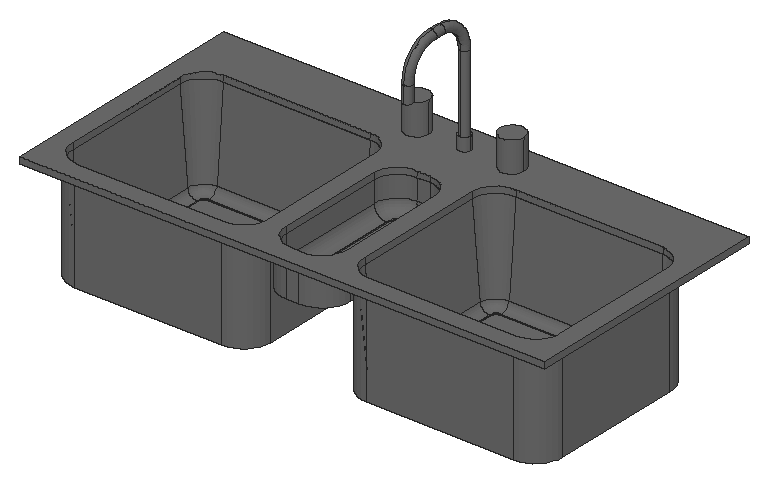
Revit family "M_Sink Kitchen-Triple", category 위생기구, Revit 2026
Family settings
  원형 커넥터 치수 = 지름 사용
  부품 유형 = 보통
  작업 기준면 기반 = 아니오
  뷰에서 절단 사용 = 아니오
  항상 수직 = 예
  로드될 때 보이드를 사용하여 절단 = 아니오
  주석 방향 유지 = 아니오
  공유 = 예
  룸 계산 점 = 아니오
Parameters (values of type "1100 x 535mm")
  기본 높이 = 0.00 mm
  Counter Height [instance] = 900.00 mm
  Depth = 535.00 mm
  Fixture Material = Metal - Steel, Polished
  Sink Material = Metal - Steel, Polished
  Width = 1100.00 mm
Reference planes
  plane 1 "Center (Front/Back)": y = -35.755
  plane 2: z = 0
  plane 3 "Center (Left/Right)": x = 15.689
  plane 4: y = 269.845
  plane 5: y = -265.155
  plane 6: x = -534.311
  plane 7: x = 565.689
  plane 8 "Top Of Counter": z = 900
  plane 9: z = 912.7
  plane 10: z = 684.1
  plane 11: y = 155.545
  plane 12: x = -496.211
  plane 13: y = -227.055
  plane 14: x = 527.589
  plane 15: x = -84.311
  plane 16: x = 115.689
  plane 17: y = 212.695
  plane 18: y = 212.695
  plane 19: y = 212.695
  plane 20: z = 1163.525
  plane 21: y = 63.47
  plane 22: z = 976.2
  plane 23: z = 938.1
  plane 24: x = -240.261
  plane 25: x = 271.639
  plane 26: x = -85.911
  plane 27: x = 117.289
  plane 28: x = -47.811
  plane 29: x = 79.189
  plane 30: y = 104.745
  plane 31: y = -86.555
  plane 32: z = 820.625
  plane 33: y = 53.945
Forms (mm)
  Extrusion 1, solid, material "Metal - Steel, Polished" <- "Sink Material"
    sketch origin (0, 0, 0) x (1, 0, 0) y (0, 1, 0)
      loop
        line (-534.311, 269.845) -> (-534.311, -265.155) -> (565.689, -265.155) -> (565.689, 269.845) -> (-534.311, 269.845)
      loop
        arc (-445.411, 155.545) -> (-481.332, 140.666) -> (-496.211, 104.745) r 50.8
        line (-496.211, 104.745) -> (-496.211, -176.255)
        arc (-496.211, -176.255) -> (-481.332, -212.176) -> (-445.411, -227.055) r 50.8
        line (-445.411, -227.055) -> (-136.711, -227.055)
        arc (-136.711, -227.055) -> (-100.79, -212.176) -> (-85.911, -176.255) r 50.8
        line (-85.911, -176.255) -> (-85.911, 104.745)
        arc (-85.911, 104.745) -> (-100.79, 140.666) -> (-136.711, 155.545) r 50.8
        line (-136.711, 155.545) -> (-445.411, 155.545)
      loop
        arc (476.789, -227.055) -> (512.71, -212.176) -> (527.589, -176.255) r 50.8
        line (527.589, -176.255) -> (527.589, 104.745)
        arc (527.589, 104.745) -> (512.71, 140.666) -> (476.789, 155.545) r 50.8
        line (476.789, 155.545) -> (168.089, 155.545)
        arc (168.089, 155.545) -> (132.168, 140.666) -> (117.289, 104.745) r 50.8
        line (117.289, 104.745) -> (117.289, -176.255)
        arc (117.289, -176.255) -> (132.168, -212.176) -> (168.089, -227.055) r 50.8
        line (168.089, -227.055) -> (476.789, -227.055)
      loop
        line (2.989, -227.055) -> (28.389, -227.055)
        arc (28.389, -227.055) -> (64.31, -212.176) -> (79.189, -176.255) r 50.8
        line (79.189, -176.255) -> (79.189, 53.945)
        arc (79.189, 53.945) -> (64.31, 89.866) -> (28.389, 104.745) r 50.8
        line (28.389, 104.745) -> (2.989, 104.745)
        arc (2.989, 104.745) -> (-32.932, 89.866) -> (-47.811, 53.945) r 50.8
        line (-47.811, 53.945) -> (-47.811, -176.255)
        arc (-47.811, -176.255) -> (-32.932, -212.176) -> (2.989, -227.055) r 50.8
    from 900 to 912.7
  Sweep 2, solid, material "Metal - Steel, Polished" <- "Sink Material"
    path origin (0, 0, 0) x (1, 0, 0) y (0, 1, 0)
      loop
        arc (-445.411, 155.545) -> (-481.332, 140.666) -> (-496.211, 104.745) r 50.8
        line (-496.211, 104.745) -> (-496.211, -176.255)
        arc (-496.211, -176.255) -> (-481.332, -212.176) -> (-445.411, -227.055) r 50.8
        line (-445.411, -227.055) -> (-136.711, -227.055)
        arc (-136.711, -227.055) -> (-100.79, -212.176) -> (-85.911, -176.255) r 50.8
        line (-85.911, -176.255) -> (-85.911, 104.745)
        arc (-85.911, 104.745) -> (-100.79, 140.666) -> (-136.711, 155.545) r 50.8
        line (-136.711, 155.545) -> (-445.411, 155.545)
    profile origin (-291.061, 0, 0) x (0, 1, 0) y (0, 0, 1)
      loop
        line (155.545, 900) -> (139.011, 711.015)
        arc (139.011, 711.015) -> (132.904, 698.63) -> (120.034, 693.625) r 19.05
        line (120.034, 693.625) -> (117.445, 693.625) -> (117.445, 684.1) -> (161.895, 684.1) -> (161.895, 900) -> (155.545, 900)
  Extrusion 3, solid, material "Metal - Steel, Polished" <- "Sink Material"
    sketch origin (0, 0, 0) x (1, 0, 0) y (0, 1, 0)
      loop
        arc (-445.411, 117.445) -> (-454.391, 113.726) -> (-458.111, 104.745) r 12.7
        line (-458.111, 104.745) -> (-458.111, -176.255)
        arc (-458.111, -176.255) -> (-454.391, -185.235) -> (-445.411, -188.955) r 12.7
        line (-445.411, -188.955) -> (-136.711, -188.955)
        arc (-136.711, -188.955) -> (-127.731, -185.235) -> (-124.011, -176.255) r 12.7
        line (-124.011, -176.255) -> (-124.011, 104.745)
        arc (-124.011, 104.745) -> (-127.731, 113.726) -> (-136.711, 117.445) r 12.7
        line (-136.711, 117.445) -> (-445.411, 117.445)
      loop
        circle (-240.261, -35.755) r 25.4
    from 684.1 to 693.625
  Extrusion 4, solid, material "Metal - Steel, Polished" <- "Fixture Material"
    sketch origin (0, 0, 0) x (1, 0, 0) y (0, 1, 0)
      loop
        circle (-84.311, 212.695) r 25.4
      loop
        circle (115.689, 212.695) r 25.4
    from 912.7 to 976.2
  Sweep 5, solid, material "Metal - Steel, Polished" <- "Fixture Material"
    path origin (15.689, 0, 0) x (0, 1, 0) y (0, 0, 1)
      loop
        line (212.695, 912.7) -> (212.695, 1100.025)
        arc (212.695, 1100.025) -> (194.097, 1144.926) -> (149.195, 1163.525) r 63.5
        line (149.195, 1163.525) -> (126.97, 1163.525)
        arc (126.97, 1163.525) -> (82.069, 1144.926) -> (63.47, 1100.025) r 63.5
        line (63.47, 1100.025) -> (63.47, 1065.1)
    profile origin (15.689, 0, 1006.363) x (0, -1, 0) y (1, 0, 0)
      loop
        circle (-212.695, 0) r 9.525
  Extrusion 6, solid, material "Metal - Steel, Polished" <- "Fixture Material"
    sketch origin (0, 0, 0) x (1, 0, 0) y (0, 1, 0)
      loop
        circle (15.689, 212.695) r 12.7
    from 912.7 to 938.1
  Sweep 7, solid, material "Metal - Steel, Polished" <- "Sink Material"
    path origin (31.378, 0, 0) x (-1, 0, 0) y (0, -1, 0)
      loop
        line (-445.411, -155.545) -> (-136.711, -155.545)
        arc (-136.711, -155.545) -> (-100.79, -140.666) -> (-85.911, -104.745) r 50.8
        line (-85.911, -104.745) -> (-85.911, 176.255)
        arc (-85.911, 176.255) -> (-100.79, 212.176) -> (-136.711, 227.055) r 50.8
        line (-136.711, 227.055) -> (-445.411, 227.055)
        arc (-445.411, 227.055) -> (-481.332, 212.176) -> (-496.211, 176.255) r 50.8
        line (-496.211, 176.255) -> (-496.211, -104.745)
        arc (-496.211, -104.745) -> (-481.332, -140.666) -> (-445.411, -155.545) r 50.8
    profile origin (322.439, 0, 0) x (0, -1, 0) y (0, 0, 1)
      loop
        line (-155.545, 900) -> (-161.895, 900) -> (-161.895, 684.1) -> (-117.445, 684.1) -> (-117.445, 693.625) -> (-120.034, 693.625)
        arc (-120.034, 693.625) -> (-132.904, 698.63) -> (-139.011, 711.015) r 19.05
        line (-139.011, 711.015) -> (-155.545, 900)
  Extrusion 8, solid, material "Metal - Steel, Polished" <- "Sink Material"
    sketch origin (31.378, 0, 0) x (-1, 0, 0) y (0, -1, 0)
      loop
        line (-447.999, -120.034) -> (-134.122, -120.034)
        arc (-134.122, -120.034) -> (-125.142, -116.314) -> (-121.422, -107.334) r 12.7
        line (-121.422, -107.334) -> (-121.422, 178.843)
        arc (-121.422, 178.843) -> (-125.142, 187.823) -> (-134.122, 191.543) r 12.7
        line (-134.122, 191.543) -> (-447.999, 191.543)
        arc (-447.999, 191.543) -> (-456.979, 187.823) -> (-460.699, 178.843) r 12.7
        line (-460.699, 178.843) -> (-460.699, -107.334)
        arc (-460.699, -107.334) -> (-456.979, -116.314) -> (-447.999, -120.034) r 12.7
      loop
        circle (-240.261, 35.755) r 25.4
    from 684.1 to 693.625
  Sweep 9, solid, material "Metal - Steel, Polished" <- "Sink Material"
    path origin (0, 0, 0) x (1, 0, 0) y (0, 1, 0)
      loop
        arc (2.989, 104.745) -> (-32.932, 89.866) -> (-47.811, 53.945) r 50.8
        line (-47.811, 53.945) -> (-47.811, -176.255)
        arc (-47.811, -176.255) -> (-32.932, -212.176) -> (2.989, -227.055) r 50.8
        line (2.989, -227.055) -> (28.389, -227.055)
        arc (28.389, -227.055) -> (64.31, -212.176) -> (79.189, -176.255) r 50.8
        line (79.189, -176.255) -> (79.189, 53.945)
        arc (79.189, 53.945) -> (64.31, 89.866) -> (28.389, 104.745) r 50.8
        line (28.389, 104.745) -> (2.989, 104.745)
    profile origin (15.689, 0, 0) x (0, 1, 0) y (0, 0, 1)
      loop
        line (104.745, 900) -> (104.745, 855.55)
        arc (104.745, 855.55) -> (97.306, 837.589) -> (79.345, 830.15) r 25.4
        line (79.345, 830.15) -> (76.17, 830.15) -> (76.17, 820.625) -> (114.27, 820.625) -> (114.27, 900) -> (104.745, 900)
  Extrusion 10, solid, material "Metal - Steel, Polished" <- "Sink Material"
    sketch origin (0, 0, 0) x (1, 0, 0) y (0, 1, 0)
      loop
        arc (6.164, 76.17) -> (-11.796, 68.731) -> (-19.236, 50.77) r 25.4
        line (-19.236, 50.77) -> (-19.236, -173.08)
        arc (-19.236, -173.08) -> (-11.796, -191.04) -> (6.164, -198.48) r 25.4
        line (6.164, -198.48) -> (25.214, -198.48)
        arc (25.214, -198.48) -> (43.175, -191.04) -> (50.614, -173.08) r 25.4
        line (50.614, -173.08) -> (50.614, 50.77)
        arc (50.614, 50.77) -> (43.175, 68.731) -> (25.214, 76.17) r 25.4
        line (25.214, 76.17) -> (6.164, 76.17)
      loop
        circle (15.689, -86.555) r 25.4
    from 820.625 to 830.15
Cuts and joins
  joined: Sweep 5, Extrusion 6
Lines and regions (mm)
  Masking region 1
    outline origin (0, 0, 900) x (0, -1, 0) y (1, 0, 0)
      loop
        line (-269.845, -534.311) -> (265.155, -534.311) -> (265.155, 565.689) -> (-269.845, 565.689) -> (-269.845, -534.311)
  symbolic lines
    curve 1: line (-496.211, 104.745, 900) -> (-496.211, -176.255, 900)
    curve 2: line (-445.411, -227.055, 900) -> (-136.711, -227.055, 900)
    curve 3: line (527.589, -176.255, 900) -> (527.589, 104.745, 900)
    curve 4: line (476.789, 155.545, 900) -> (168.089, 155.545, 900)
    curve 5: arc (527.589, 104.745, 900) -> (512.71, 140.666, 900) -> (476.789, 155.545, 900) r 50.8
    curve 6: arc (476.789, -227.055, 900) -> (512.71, -212.176, 900) -> (527.589, -176.255, 900) r 50.8
    curve 7: arc (-496.211, -176.255, 900) -> (-481.332, -212.176, 900) -> (-445.411, -227.055, 900) r 50.8
    curve 8: arc (-445.411, 155.545, 900) -> (-481.332, 140.666, 900) -> (-496.211, 104.745, 900) r 50.8
    curve 9: arc (28.389, 212.695, 900) -> (15.689, 225.395, 900) -> (2.989, 212.695, 900) r 12.7
    curve 10: line (2.989, 212.695, 900) -> (2.989, 15.845, 900)
    curve 11: line (28.389, 212.695, 900) -> (28.389, 15.845, 900)
    curve 12: arc (28.389, 15.845, 900) -> (15.689, 3.145, 900) -> (2.989, 15.845, 900) r 12.7
    curve 13: line (-85.911, 104.745, 900) -> (-85.911, -176.255, 900)
    curve 14: line (117.289, 104.745, 900) -> (117.289, -176.255, 900)
    curve 15: line (168.089, -227.055, 900) -> (476.789, -227.055, 900)
    curve 16: line (-136.711, 155.545, 900) -> (-445.411, 155.545, 900)
    curve 17: arc (168.089, 155.545, 900) -> (132.168, 140.666, 900) -> (117.289, 104.745, 900) r 50.8
    curve 18: arc (117.289, -176.255, 900) -> (132.168, -212.176, 900) -> (168.089, -227.055, 900) r 50.8
    curve 19: arc (-85.911, -176.255, 900) -> (-100.79, -212.176, 900) -> (-136.711, -227.055, 900) r 50.8
    curve 20: arc (-85.911, 104.745, 900) -> (-100.79, 140.666, 900) -> (-136.711, 155.545, 900) r 50.8
    curve 21: arc (-265.661, -35.755, 900) -> (-240.261, -10.355, 900) -> (-214.861, -35.755, 900) r 25.4
    curve 22: arc (-214.861, -35.755, 900) -> (-240.261, -61.155, 900) -> (-265.661, -35.755, 900) r 25.4
    curve 23: arc (246.239, -35.755, 900) -> (271.639, -10.355, 900) -> (297.039, -35.755, 900) r 25.4
    curve 24: arc (297.039, -35.755, 900) -> (271.639, -61.155, 900) -> (246.239, -35.755, 900) r 25.4
    curve 25: line (-47.811, -176.255, 900) -> (-47.811, 53.945, 900)
    curve 26: arc (-47.811, 53.945, 900) -> (-32.932, 89.866, 900) -> (2.989, 104.745, 900) r 50.8
    curve 27: line (79.189, 53.945, 900) -> (79.189, -176.255, 900)
    curve 28: arc (79.189, -176.255, 900) -> (64.31, -212.176, 900) -> (28.389, -227.055, 900) r 50.8
    curve 29: arc (2.989, -227.055, 900) -> (-32.932, -212.176, 900) -> (-47.811, -176.255, 900) r 50.8
    curve 30: line (28.389, -227.055, 900) -> (2.989, -227.055, 900)
    curve 31: arc (41.089, -86.555, 900) -> (15.689, -61.155, 900) -> (-9.711, -86.555, 900) r 25.4
    curve 32: arc (41.089, -86.555, 900) -> (15.689, -111.955, 900) -> (-9.711, -86.555, 900) r 25.4
    curve 33: arc (28.389, 104.745, 900) -> (64.31, 89.866, 900) -> (79.189, 53.945, 900) r 50.8
    curve 34: arc (-58.911, 212.695, 900) -> (-84.311, 238.095, 900) -> (-109.711, 212.695, 900) r 25.4
    curve 35: arc (-109.711, 212.695, 900) -> (-84.311, 187.295, 900) -> (-58.911, 212.695, 900) r 25.4
    curve 36: arc (141.089, 212.695, 900) -> (115.689, 238.095, 900) -> (90.289, 212.695, 900) r 25.4
    curve 37: arc (90.289, 212.695, 900) -> (115.689, 187.295, 900) -> (141.089, 212.695, 900) r 25.4
Dimensions and locks
  equal spacing: plane 6, plane 3 "Center (Left/Right)", plane 7
  "Width": plane 6 to plane 7
  "Depth": plane 5 to plane 4
  "Counter Height": plane 8 "Top Of Counter" to plane 2
  locked: plane 9 to plane 8 "Top Of Counter" at 12.7
  locked: plane 8 "Top Of Counter" to plane 10 at 215.9
  locked: plane 6 to plane 12 at 38.1
  locked: plane 14 to plane 7 at 38.1
  locked: plane 11 to plane 4 at 114.3
  locked: plane 5 to plane 13 at 38.1
  equal spacing: plane 11, plane 17, plane 4
  equal spacing: plane 11, plane 18, plane 4
  equal spacing: plane 4, plane 19, plane 11
  locked: plane 19 to plane 21 at 149.225
  locked: plane 20 to plane 9 at 250.825
  locked: plane 22 to plane 9 at 63.5
  locked: plane 23 to plane 9 at 25.4
  equal spacing: plane 13, plane 1 "Center (Front/Back)", plane 11
  plane 26 to plane 3 "Center (Left/Right)" to plane 27 = 101.60 mm, 101.60 mm
  plane 26 to plane 28 = 38.10 mm
  plane 29 to plane 27 = 38.10 mm
  locked: plane 30 to plane 11 at 50.8
  locked: plane 31 to plane 1 "Center (Front/Back)" at 50.8
  locked: plane 32 to plane 8 "Top Of Counter" at 79.375
  locked: plane 11 to plane 33 at 101.6
  equal spacing: plane 12, plane 24, plane 3 "Center (Left/Right)"
  equal spacing: plane 3 "Center (Left/Right)", plane 25, plane 14
  locked: plane 15 to plane 3 "Center (Left/Right)" at 100
  locked: plane 3 "Center (Left/Right)" to plane 16 at 100
  aligned and locked: Extrusion 1 sketch curve to plane 5
  aligned and locked: plane 7 to Extrusion 1 sketch curve
  aligned and locked: plane 4 to Extrusion 1 sketch curve
  aligned and locked: Extrusion 1 sketch curve to plane 6
  aligned and locked: plane 8 "Top Of Counter" to Extrusion 1
  aligned and locked: Extrusion 1 to plane 9
  aligned and locked: plane 11 to Extrusion 1 sketch curve
  aligned and locked: plane 14 to Extrusion 1 sketch curve
  aligned and locked: Extrusion 1 sketch curve to plane 12
  aligned and locked: Extrusion 1 sketch curve to plane 13
  aligned and locked: plane 11 to Sweep 2 sketch curve
  aligned and locked: Sweep 2 sketch curve to plane 12
  aligned and locked: Sweep 2 sketch curve to plane 13
  aligned and locked: Sweep 2 to Extrusion 3 sketch curve  (x4)
  aligned and locked: Sweep 2 to Extrusion 3
  aligned and locked: plane 10 to Extrusion 3
  aligned and locked: Sweep 2 sketch curve to plane 10
  aligned and locked: plane 8 "Top Of Counter" to Sweep 2 sketch curve
  aligned and locked: Extrusion 4 to Extrusion 1
  aligned and locked: Extrusion 6 to Extrusion 1
  aligned and locked: Sweep 5 sketch curve to plane 19
  aligned and locked: plane 20 to Sweep 5 sketch curve
  aligned and locked: plane 21 to Sweep 5 sketch curve
  aligned and locked: Extrusion 4 to plane 22
  aligned and locked: Extrusion 6 to plane 23
  aligned and locked: curve 21 to Extrusion 3
  aligned and locked: plane 26 to Extrusion 1 sketch curve
  aligned and locked: plane 27 to Extrusion 1 sketch curve
  aligned and locked: Sweep 2 sketch curve to Extrusion 1
  aligned and locked: Sweep 7 sketch curve to plane 11
  aligned and locked: Sweep 7 sketch curve to Extrusion 1
  aligned and locked: Sweep 7 sketch curve to plane 14
  aligned and locked: plane 13 to Sweep 7 sketch curve
  aligned and locked: Extrusion 8 sketch curve to Sweep 7  (x4)
  aligned and locked: Sweep 9 sketch curve to plane 13
  aligned and locked: Extrusion 1 to Sweep 9 sketch curve  (x2)
  aligned and locked: curve 13 to Sweep 9 sketch curve
  aligned and locked: Sweep 9 to Extrusion 10 sketch curve  (x3)
  aligned and locked: Extrusion 10 sketch curve to Sweep 9
  aligned and locked: Extrusion 10 to Sweep 9  (x2)
  aligned and locked: Sweep 7 sketch curve to plane 8 "Top Of Counter"
  aligned and locked: plane 10 to Sweep 7 sketch curve
  aligned and locked: Sweep 9 sketch curve to plane 8 "Top Of Counter"
  aligned and locked: Sweep 9 sketch curve to plane 32
  aligned and locked: Extrusion 8 to Sweep 7
  aligned and locked: plane 10 to Extrusion 8
  aligned and locked: Masking region 1 sketch curve to plane 6
  aligned and locked: plane 4 to Masking region 1 sketch curve
  aligned and locked: plane 7 to Masking region 1 sketch curve
  aligned and locked: Masking region 1 sketch curve to plane 5
  aligned and locked: plane 15 to Extrusion 4 sketch curve
  aligned and locked: plane 17 to Extrusion 4 sketch curve  (x2)
  aligned and locked: plane 16 to Extrusion 4 sketch curve
  aligned and locked: curve 34 to Extrusion 4
  aligned and locked: curve 36 to Extrusion 4
  aligned: curve 37 to Extrusion 4
Automatic sketch dimensions
  Sweep 2 sketch curve to profile plane = 0.00 mm
  profile plane to Sweep 2 sketch curve = 16.534 mm
  Sweep 2 sketch curve to Sweep 2 sketch curve = 18.978 mm
  Sweep 2 sketch curve to Sweep 2 sketch curve = 2.588 mm
  Sweep 2 sketch curve to profile plane = 6.35 mm
  Sweep 2 sketch curve to Sweep 2 sketch curve = 9.525 mm
  Sweep 2 sketch curve to Sweep 2 sketch curve = 17.39 mm
  plane 15 to Extrusion 4 sketch curve = 25.40 mm
  plane 16 to Extrusion 4 sketch curve = 25.40 mm
  Sweep 5 sketch curve to plane 3 "Center (Left/Right)" = 0.00 mm
  Sweep 5 sketch curve to profile plane = 0.00 mm
  profile plane to Sweep 5 sketch curve = 9.525 mm
  Extrusion 6 sketch curve to plane 18 = 0.00 mm
  Extrusion 6 sketch curve to plane 3 "Center (Left/Right)" = 0.00 mm
  Extrusion 6 sketch curve to plane 3 "Center (Left/Right)" = 12.70 mm
  Sweep 5 sketch curve to plane 9 = 0.00 mm
  Sweep 5 sketch curve to Sweep 5 sketch curve = 63.50 mm
  plane 11 to Sweep 5 sketch curve = 6.35 mm
  Sweep 5 sketch curve to Sweep 5 sketch curve = 34.925 mm
  Extrusion 3 sketch curve to plane 1 "Center (Front/Back)" = 0.00 mm
  Extrusion 3 sketch curve to plane 24 = 0.00 mm
  Extrusion 3 sketch curve to Extrusion 3 sketch curve = 12.70 mm  (x4)
  plane 24 to Extrusion 3 sketch curve = 25.40 mm
  Extrusion 1 sketch curve to plane 30 = 0.00 mm  (x5)
  Extrusion 1 sketch curve to plane 13 = 0.00 mm  (x2)
  Extrusion 1 sketch curve to plane 28 = 0.00 mm
  Extrusion 1 sketch curve to plane 29 = 0.00 mm
  Extrusion 1 sketch curve to plane 11 = 0.00 mm
  Extrusion 1 sketch curve to plane 12 = 50.80 mm
  Extrusion 1 sketch curve to Extrusion 1 sketch curve = 50.80 mm  (x2)
  Extrusion 1 sketch curve to plane 3 "Center (Left/Right)" = 12.70 mm  (x2)
  plane 3 "Center (Left/Right)" to Extrusion 1 sketch curve = 12.70 mm  (x2)
  plane 14 to Extrusion 1 sketch curve = 50.80 mm
  Sweep 2 sketch curve to plane 12 = 50.80 mm  (x2)
  plane 11 to Sweep 2 sketch curve = 50.80 mm
  Sweep 2 sketch curve to Sweep 2 sketch curve = 50.80 mm
  plane 14 to Sweep 7 sketch curve = 50.80 mm  (x2)
  Sweep 7 sketch curve to Sweep 7 sketch curve = 50.80 mm  (x2)
  Extrusion 8 sketch curve to plane 1 "Center (Front/Back)" = 0.00 mm
  Extrusion 8 sketch curve to plane 25 = 0.00 mm
  Extrusion 8 sketch curve to Extrusion 8 sketch curve = 12.70 mm  (x4)
  Extrusion 8 sketch curve to plane 25 = 25.40 mm
  Sweep 9 sketch curve to plane 3 "Center (Left/Right)" = 12.70 mm  (x2)
  plane 3 "Center (Left/Right)" to Sweep 9 sketch curve = 12.70 mm  (x2)
  Extrusion 10 sketch curve to plane 31 = 0.00 mm
  Extrusion 10 sketch curve to plane 3 "Center (Left/Right)" = 0.00 mm
  Extrusion 10 sketch curve to plane 3 "Center (Left/Right)" = 25.40 mm
  Extrusion 10 sketch curve to plane 3 "Center (Left/Right)" = 9.525 mm  (x2)
  plane 3 "Center (Left/Right)" to Extrusion 10 sketch curve = 9.525 mm  (x2)
  Sweep 7 sketch curve to profile plane = 0.00 mm
  profile plane to Sweep 7 sketch curve = 6.35 mm
  Sweep 7 sketch curve to profile plane = 16.534 mm
  Sweep 7 sketch curve to Sweep 7 sketch curve = 18.978 mm
  Sweep 7 sketch curve to Sweep 7 sketch curve = 2.588 mm
  Sweep 7 sketch curve to Sweep 7 sketch curve = 1.66 mm
  Sweep 7 sketch curve to Sweep 7 sketch curve = 26.915 mm
  Sweep 9 sketch curve to profile plane = 0.00 mm
  profile plane to Sweep 9 sketch curve = 25.40 mm
  Sweep 9 sketch curve to Sweep 9 sketch curve = 3.175 mm
  Sweep 9 sketch curve to profile plane = 9.525 mm
  plane 32 to Sweep 9 sketch curve = 9.525 mm
  curve 16 to plane 11 = 0.00 mm
  curve 17 to plane 11 = 0.00 mm
  curve 3 to plane 14 = 0.00 mm
  curve 1 to plane 12 = 0.00 mm
  curve 12 to plane 3 "Center (Left/Right)" = 0.00 mm
  curve 19 to plane 13 = 0.00 mm
  curve 18 to plane 13 = 0.00 mm
  plane 4 to curve 11 = 57.15 mm
  plane 11 to curve 5 = 50.80 mm
  plane 11 to curve 8 = 50.80 mm
  plane 11 to curve 13 = 50.80 mm
  plane 11 to curve 14 = 50.80 mm
  curve 11 to plane 33 = 38.10 mm
  curve 13 to plane 13 = 50.80 mm
  curve 1 to plane 13 = 50.80 mm
  curve 6 to plane 13 = 50.80 mm
  plane 3 "Center (Left/Right)" to curve 17 = 101.60 mm
  curve 26 to plane 33 = 0.00 mm
  curve 27 to plane 33 = 0.00 mm
  curve 23 to plane 1 "Center (Front/Back)" = 0.00 mm
  curve 32 to plane 3 "Center (Left/Right)" = 0.00 mm
  curve 29 to plane 13 = 0.00 mm
  curve 23 to plane 25 = 0.00 mm
  plane 3 "Center (Left/Right)" to curve 33 = 12.70 mm
  curve 33 to curve 26 = 0.00 mm
  plane 1 "Center (Front/Back)" to curve 32 = 50.80 mm
  curve 25 to curve 19 = 0.00 mm
  curve 27 to curve 18 = 0.00 mm
  plane 3 "Center (Left/Right)" to curve 28 = 12.70 mm
  curve 28 to curve 30 = 50.80 mm
  curve 32 to plane 3 "Center (Left/Right)" = 25.40 mm
  plane 25 to curve 24 = 25.40 mm
  curve 16 to curve 34 = 27.00 mm
